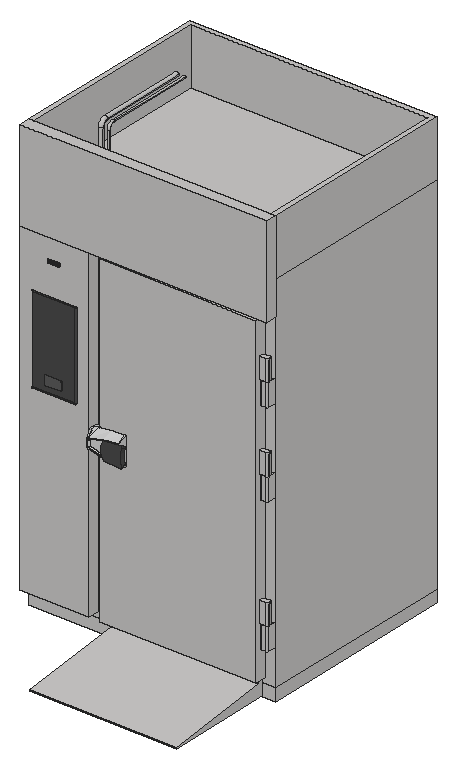
Revit family "QF_ZANUSSI_110562_ZBFA22RDFE", category Specialty Equipment, Revit 2018
Family settings
  Round Connector Dimension = Use Diameter
  Part Type = Normal
  Work Plane-Based = No
  Always vertical = Yes
  Cut with Voids When Loaded = No
  Shared = Yes
  Room Calculation Point = No
Parameters
  Weight = 0.00 kg
  Watts = 209.032 W
  Volts = 380 V
  URL Manufacturer = "http://www.zanussiprofessional.com"
  URL = "http://www.zanussiprofessional.com"
  Steam Supply Size = 0"
  Steam Supply Minimum Pressure = 0.00 psi
  Steam Supply Maximum Pressure = 0.00 psi
  Steam Pounds per Hour = 0
  Show Logo [instance] = yes
  Refrigeration Suction Line Size = 0"
  Refrigeration Liquid Line Size = 0"
  Refrigerant Compressor Remote = yes
  Phase = 3
  Model = "ZBFA22RDFE"
  Manufacturer = "Zanussi"
  Length Actual = 1400 mm  # constant formula
  Item Number = "110562"
  Hot Water Size = 0"
  Height Actual = 2340 mm  # constant formula
  HP = "3 HP"
  Gas Size = 0"
  Gas KW = 0
  Gas Input Pressure = 0.0 Btu/h
  Description = "RAPIDO BLAST CHILLER FREEZER 200/170KG 20 GN 2/1 - DISASSEMBLED - INSULATED FLOOR - RAMP -REM.REF.UNIT"
  Depth Actual = 1266 mm  # constant formula
  Cycle = 60 Hz
  Condensate Return Size = 0"
  Compressed Air Volume = 0 GPM
  Compressed Air Size = 0"
  Compressed Air Pressure = 0.00 psi
  Cold Water Size = 0"
  Assembly Code = ""
  Show Clearance [instance] = yes
  Accessory = yes
Reference planes
  plane 1 "BACK": y = 1
  plane 2: z = 0
  plane 3 "LEFT": x = 0
  plane 4 "RIGHT": x = 1400
  plane 5 "FRONT": y = -1205
  plane 6 "TOP": z = 2470
  plane 7 "Center Y": x = 700
  plane 8 "Center X": y = -602
  plane 9: y = -2155
Forms (mm)
  Extrusion 1, solid, material "QF_Clearance", visible <- "Show Clearance", detail levels coarse
    sketch origin (0, 0, 0) x (1, 0, 0) y (0, 1, 0)
      loop
        line (0, -1205) -> (0, 1) -> (1400, 1) -> (1400, -1205) -> (1500, -1205) -> (1500, 101) -> (-100, 101) -> (-100, -1205) -> (0, -1205)
    from 0 to 2670
  Extrusion 2, solid, material "QF_Finishes_Stainless Steel"
    sketch origin (349.253, 33, 700.991) x (-1, 0, 0) y (0, -1, 0)
      loop
        line (349.253, 1172.759) -> (349.253, 1238) -> (-39.747, 1238) -> (-39.747, 1172.759) -> (349.253, 1172.759)
    from -597 to 1254
  Extrusion 3, solid, material "QF_Finishes_Stainless Steel"
    sketch origin (596.16, 27.971, 0) x (1, 0, 0) y (0, 1, 0)
      loop
        line (743.84, -1172.971) -> (-141.16, -1172.971) -> (-141.16, -1232.971) -> (743.84, -1232.971) -> (743.84, -1172.971)
    from 103.991 to 1945.25
  Extrusion 4, solid, material "QF_Door-Drawer Clearances", visible <- "Show Clearance", detail levels coarse
    sketch origin (875, -72.029, -21.802) x (-1, 0, 0) y (0, -1, 0)
      loop
        line (-465, 2025.971) -> (-465, 1132.971) -> (420, 1132.971)
        arc (420, 1132.971) -> (153.836, 1754.227) -> (-465, 2025.971) r 920
    from 125.793 to 1967.052
  Extrusion 5, solid, material "QF_Finishes_Stainless Steel"
    sketch origin (0, 0, 0) x (0, 1, 0) y (0, 0, 1)
      loop
        line (-1158.451, 70.453) -> (-1741.451, 1.966) -> (-1741.451, 0) -> (-1158.451, 0) -> (-1158.451, 70.453)
    from 485 to 1320
  Extrusion 6, solid, material "QF_Finishes_Stainless Steel"
    sketch origin (0, 0, 0) x (0, 1, 0) y (0, 0, 1)
      loop
        line (-1139, 70) -> (-1139, 0) -> (1, 0) -> (1, 70) -> (-1139, 70)
    from 0 to 1400
  Extrusion 7, solid, material "QF_Finishes_Stainless Steel"
    sketch origin (0, -1139.759, 70) x (0, 1, 0) y (-1, 0, 0)
      loop
        line (1140.759, 0) -> (0.759, 0) -> (0.759, -1400) -> (1140.759, -1400) -> (1140.759, 0)
    from 0 to 2080
  Extrusion 8, solid, material "QF_Finishes_Stainless Steel"
    sketch origin (0, 0, 0) x (0, 1, 0) y (0, 0, 1)
      loop
        line (-1139, 2470) -> (-1205, 2470) -> (-1205, 1956) -> (-1139, 1956) -> (-1139, 2470)
    from 0 to 1400
  Extrusion 9, solid, material "QF_Finishes_Stainless Steel"
    sketch origin (0, -1139.759, 2150) x (0, 1, 0) y (-1, 0, 0)
      loop
        line (1140.759, 0) -> (0.759, 0) -> (0.759, -27.807) -> (1112.952, -27.807) -> (1112.952, -1372.193) -> (0.759, -1372.193) -> (0.759, -1400) -> (1140.759, -1400) -> (1140.759, 0)
    from 0 to 320
  Extrusion 10, solid, material "QF_Finishes_Stainless Steel"
    sketch origin (0, 0, 0) x (0, 1, 0) y (0, 0, 1)
      loop
        line (-1139, 92) -> (-1158.451, 92) -> (-1158.451, 0) -> (-1139, 0) -> (-1139, 92)
    from 485 to 1320
  Extrusion 11, solid, material "QF_Clearance", visible <- "Show Clearance", detail levels coarse
    sketch origin (0, 0, 2470) x (-1, 0, 0) y (0, -1, 0)
      loop
        line (0, 1205) -> (-1400, 1205) -> (-1400, -1) -> (0, -1) -> (0, 1205)
    from 0 to 200
  Extrusion 12, solid, material "QF_Finishes_Stainless Steel"
    sketch origin (-390.239, -0.977, 1242.559) x (1, 0, 0) y (0, 1, 0)
      loop
        line (1730.239, -1159.557) -> (1730.239, -1186.759) -> (1771.078, -1186.759)
        arc (1771.078, -1186.759) -> (1778.149, -1183.83) -> (1781.078, -1176.759) r 10
        line (1781.078, -1176.759) -> (1781.078, -1169.557)
        arc (1781.078, -1169.557) -> (1778.149, -1162.486) -> (1771.078, -1159.557) r 10
        line (1771.078, -1159.557) -> (1730.239, -1159.557)
    from 398 to 516
  Extrusion 13, solid, material "QF_Finishes_Stainless Steel"
    sketch origin (-388.989, -0.977, 1242.559) x (1, 0, 0) y (0, 1, 0)
      loop
        line (1779.828, -1138.023) -> (1738.215, -1138.023) -> (1738.215, -1176.759)
        arc (1738.215, -1176.759) -> (1741.143, -1183.83) -> (1748.215, -1186.759) r 10
        line (1748.215, -1186.759) -> (1769.828, -1186.759)
        arc (1769.828, -1186.759) -> (1776.899, -1183.83) -> (1779.828, -1176.759) r 10
        line (1779.828, -1176.759) -> (1779.828, -1138.023)
    from 269 to 396
  Extrusion 14, solid, material "QF_Finishes_Handrails and Railings"
    sketch origin (0, -1205, -69.705) x (-1, 0, 0) y (0, 0, 1)
      loop
        arc (-455, 1022.346) -> (-433.392, 1027.289) -> (-413, 1035.976) r 124.815
        arc (-413, 1035.976) -> (-402.037, 1046.425) -> (-398, 1061.023) r 28.412
        line (-398, 1061.023) -> (-398, 1124.287)
        arc (-398, 1124.287) -> (-402.037, 1138.885) -> (-413, 1149.334) r 28.412
        arc (-413, 1149.334) -> (-433.392, 1158.021) -> (-455, 1162.964) r 124.815
        line (-455, 1162.964) -> (-455, 1022.346)
    from 0 to 25
  Extrusion 15, solid, material "QF_Finishes_Stainless Steel"
    sketch origin (0, 1, 0) x (1, 0, 0) y (0, 0, 1)
      loop
        circle (50.191, 2279.706) r 10
    from -2 to 0
  Extrusion 16, solid
    sketch origin (0, 0, 0) x (1, 0, 0) y (0, 1, 0)
      loop
        circle (271, -895) r 12.7
    from 180 to 190
  Sweep 17, solid, material "QF_Finishes_Stainless Steel"
    path in 3D
      loop
        line (196, -872.727, 2160) -> (196, -872.727, 2384.785)
        arc (196, -872.727, 2384.785) -> (196, -863.94, 2405.999) -> (196, -842.727, 2414.785) r 30
        line (196, -842.727, 2414.785) -> (196, -337, 2414.785)
    profile origin (196, -589.864, 2414.785) x (-1, 0, 0) y (0, 0, 1)
      loop
        circle (0, -0.785) r 11
  Sweep 18, solid, material "QF_Finishes_Stainless Steel"
    path in 3D
      loop
        line (239, -337, 2414) -> (239, -842.727, 2414)
        arc (239, -842.727, 2414) -> (239, -863.94, 2405.213) -> (239, -872.727, 2384) r 30
        line (239, -872.727, 2384) -> (239, -872.727, 2160)
    profile origin (239, -589.864, 2414) x (1, 0, 0) y (0, 0, 1)
      loop
        circle (0, 0) r 6
  Extrusion 19, solid, material "QF_Finishes_Stainless Steel"
    sketch origin (0, -1139.759, 2150) x (0, 1, 0) y (-1, 0, 0)
      loop
        line (272.791, -163.68) -> (262.791, -163.68)
        arc (262.791, -163.68) -> (252.185, -168.074) -> (247.791, -178.68) r 15
        line (247.791, -178.68) -> (247.791, -270.358)
        arc (247.791, -270.358) -> (252.185, -280.965) -> (262.791, -285.358) r 15
        line (262.791, -285.358) -> (272.791, -285.358)
        arc (272.791, -285.358) -> (283.398, -280.965) -> (287.791, -270.358) r 15
        line (287.791, -270.358) -> (287.791, -178.68)
        arc (287.791, -178.68) -> (283.398, -168.074) -> (272.791, -163.68) r 15
    from 0 to 10
  Blend 20, solid, material "QF_Finishes_Handrails and Railings"
    base sketch origin (0, -1205, -69.705) x (1, 0, 0) y (0, 0, 1)
      loop
        arc (455, 1162.964) -> (433.392, 1158.021) -> (413, 1149.334) r 124.815
        arc (413, 1149.334) -> (402.037, 1138.885) -> (398, 1124.287) r 28.412
        line (398, 1124.287) -> (398, 1061.023)
        arc (398, 1061.023) -> (402.037, 1046.425) -> (413, 1035.976) r 28.412
        arc (413, 1035.976) -> (433.392, 1027.289) -> (455, 1022.346) r 124.815
        arc (455, 1022.346) -> (524.77, 1014.896) -> (594.859, 1011.587) r 1185.63
        arc (594.859, 1011.587) -> (600.607, 1013.879) -> (603, 1019.586) r 8
        line (603, 1019.586) -> (603, 1165.724)
        arc (603, 1165.724) -> (600.607, 1171.431) -> (594.859, 1173.723) r 8
        arc (594.859, 1173.723) -> (524.77, 1170.414) -> (455, 1162.964) r 1185.63
    top sketch origin (0, -1205, -69.705) x (1, 0, 0) y (0, 0, 1)
      loop
        line (421, 1108.337) -> (421, 1076.973)
        arc (421, 1076.973) -> (423.295, 1069.915) -> (429.302, 1065.557) r 12
        arc (429.302, 1065.557) -> (515.086, 1044.22) -> (603, 1034.974) r 636.459
        line (603, 1034.974) -> (603, 1150.336)
        arc (603, 1150.336) -> (515.086, 1141.09) -> (429.302, 1119.753) r 636.459
        arc (429.302, 1119.753) -> (423.295, 1115.395) -> (421, 1108.337) r 12
    from 0 to 50
  Blend 21, void
    base sketch origin (0, -1255, -69.705) x (-1, 0, 0) y (0, 0, 1)
      loop
        arc (-430.843, 1114.996) -> (-515.866, 1136.151) -> (-603, 1145.333) r 631.459
        line (-603, 1145.333) -> (-603, 1039.977)
        arc (-603, 1039.977) -> (-515.866, 1049.159) -> (-430.843, 1070.314) r 631.459
        arc (-430.843, 1070.314) -> (-427.339, 1072.856) -> (-426, 1076.973) r 7
        line (-426, 1076.973) -> (-426, 1108.337)
        arc (-426, 1108.337) -> (-427.339, 1112.454) -> (-430.843, 1114.996) r 7
    top sketch origin (0, -1255, -69.705) x (-1, 0, 0) y (0, 0, 1)
      loop
        arc (-432.384, 1110.24) -> (-516.647, 1131.211) -> (-603, 1140.33) r 626.459
        line (-603, 1140.33) -> (-603, 1044.98)
        arc (-603, 1044.98) -> (-516.647, 1054.099) -> (-432.384, 1075.07) r 626.459
        arc (-432.384, 1075.07) -> (-431.382, 1075.797) -> (-431, 1076.973) r 2
        line (-431, 1076.973) -> (-431, 1108.337)
        arc (-431, 1108.337) -> (-431.382, 1109.513) -> (-432.384, 1110.24) r 2
    from 0 to 10
  Blend 22, solid, material "QF_Finishes_Black"
    base sketch origin (0, -1245, -69.705) x (1, 0, 0) y (0, 0, 1)
      loop
        arc (628.567, 1043.419) -> (622.014, 1092.655) -> (628.567, 1141.89) r 188.232
        arc (628.567, 1141.89) -> (627.358, 1147.991) -> (621.77, 1150.721) r 7
        arc (621.77, 1150.721) -> (572.304, 1148.509) -> (523.16, 1142.458) r 636.459
        arc (523.16, 1142.458) -> (507.711, 1092.655) -> (523.16, 1042.852) r 88
        arc (523.16, 1042.852) -> (572.304, 1036.801) -> (621.77, 1034.589) r 636.459
        arc (621.77, 1034.589) -> (627.358, 1037.319) -> (628.567, 1043.419) r 7
    top sketch origin (0, -1245, -69.705) x (1, 0, 0) y (0, 0, 1)
      loop
        arc (626.748, 1050.703) -> (622.014, 1092.655) -> (626.748, 1134.607) r 188.232
        arc (626.748, 1134.607) -> (625.775, 1138.85) -> (621.845, 1140.722) r 5
        arc (621.845, 1140.722) -> (569.023, 1138.185) -> (516.603, 1131.203) r 626.459
        arc (516.603, 1131.203) -> (507.711, 1092.655) -> (516.603, 1054.107) r 88
        arc (516.603, 1054.107) -> (569.023, 1047.124) -> (621.845, 1044.588) r 626.459
        arc (621.845, 1044.588) -> (625.775, 1046.46) -> (626.748, 1050.703) r 5
    from 20 to 0
  Extrusion 23, solid, material "QF_Finishes_Stainless Steel"
    sketch origin (-390.239, -0.977, 762.559) x (1, 0, 0) y (0, 1, 0)
      loop
        line (1730.239, -1159.557) -> (1730.239, -1186.759) -> (1771.078, -1186.759)
        arc (1771.078, -1186.759) -> (1778.149, -1183.83) -> (1781.078, -1176.759) r 10
        line (1781.078, -1176.759) -> (1781.078, -1169.557)
        arc (1781.078, -1169.557) -> (1778.149, -1162.486) -> (1771.078, -1159.557) r 10
        line (1771.078, -1159.557) -> (1730.239, -1159.557)
    from 398 to 516
  Extrusion 24, solid, material "QF_Finishes_Stainless Steel"
    sketch origin (-388.989, -0.977, 762.559) x (1, 0, 0) y (0, 1, 0)
      loop
        line (1779.828, -1138.023) -> (1738.215, -1138.023) -> (1738.215, -1176.759)
        arc (1738.215, -1176.759) -> (1741.143, -1183.83) -> (1748.215, -1186.759) r 10
        line (1748.215, -1186.759) -> (1769.828, -1186.759)
        arc (1769.828, -1186.759) -> (1776.899, -1183.83) -> (1779.828, -1176.759) r 10
        line (1779.828, -1176.759) -> (1779.828, -1138.023)
    from 269 to 396
  Extrusion 25, solid, material "QF_Finishes_Stainless Steel"
    sketch origin (-390.239, -0.977, 2.559) x (1, 0, 0) y (0, 1, 0)
      loop
        line (1730.239, -1159.557) -> (1730.239, -1186.759) -> (1771.078, -1186.759)
        arc (1771.078, -1186.759) -> (1778.149, -1183.83) -> (1781.078, -1176.759) r 10
        line (1781.078, -1176.759) -> (1781.078, -1169.557)
        arc (1781.078, -1169.557) -> (1778.149, -1162.486) -> (1771.078, -1159.557) r 10
        line (1771.078, -1159.557) -> (1730.239, -1159.557)
    from 398 to 516
  Extrusion 26, solid, material "QF_Finishes_Stainless Steel"
    sketch origin (-388.989, -0.977, 2.559) x (1, 0, 0) y (0, 1, 0)
      loop
        line (1779.828, -1138.023) -> (1738.215, -1138.023) -> (1738.215, -1176.759)
        arc (1738.215, -1176.759) -> (1741.143, -1183.83) -> (1748.215, -1186.759) r 10
        line (1748.215, -1186.759) -> (1769.828, -1186.759)
        arc (1769.828, -1186.759) -> (1776.899, -1183.83) -> (1779.828, -1176.759) r 10
        line (1779.828, -1176.759) -> (1779.828, -1138.023)
    from 269 to 396
  Extrusion 27, solid, material "QF_Door-Drawer Clearances", visible <- "Show Clearance", detail levels coarse
    sketch origin (167.029, -1956.84, 0) x (0, 1, 0) y (-1, 0, 0)
      loop
        line (751.84, -1172.971) -> (-141.16, -1172.971) -> (-141.16, -1232.971) -> (751.84, -1232.971) -> (751.84, -1172.971)
    from 103.991 to 1945.25
  Extrusion 28, solid, material "QF_Door-Drawer Clearances", visible <- "Show Clearance", detail levels coarse
    sketch origin (1400, -2553, -69.705) x (0, -1, 0) y (0, 0, 1)
      loop
        arc (-455, 1022.346) -> (-433.392, 1027.289) -> (-413, 1035.976) r 124.815
        arc (-413, 1035.976) -> (-402.037, 1046.425) -> (-398, 1061.023) r 28.412
        line (-398, 1061.023) -> (-398, 1124.287)
        arc (-398, 1124.287) -> (-402.037, 1138.885) -> (-413, 1149.334) r 28.412
        arc (-413, 1149.334) -> (-433.392, 1158.021) -> (-455, 1162.964) r 124.815
        line (-455, 1162.964) -> (-455, 1022.346)
    from 0 to 25
  Blend 29, solid, material "QF_Door-Drawer Clearances", visible <- "Show Clearance", detail levels coarse
    base sketch origin (1400, -2553, -69.705) x (0, 1, 0) y (0, 0, 1)
      loop
        arc (455, 1162.964) -> (433.392, 1158.021) -> (413, 1149.334) r 124.815
        arc (413, 1149.334) -> (402.037, 1138.885) -> (398, 1124.287) r 28.412
        line (398, 1124.287) -> (398, 1061.023)
        arc (398, 1061.023) -> (402.037, 1046.425) -> (413, 1035.976) r 28.412
        arc (413, 1035.976) -> (433.392, 1027.289) -> (455, 1022.346) r 124.815
        arc (455, 1022.346) -> (524.77, 1014.896) -> (594.859, 1011.587) r 1185.63
        arc (594.859, 1011.587) -> (600.607, 1013.879) -> (603, 1019.586) r 8
        line (603, 1019.586) -> (603, 1165.724)
        arc (603, 1165.724) -> (600.607, 1171.431) -> (594.859, 1173.723) r 8
        arc (594.859, 1173.723) -> (524.77, 1170.414) -> (455, 1162.964) r 1185.63
    top sketch origin (1400, -2553, -69.705) x (0, 1, 0) y (0, 0, 1)
      loop
        line (421, 1108.337) -> (421, 1076.973)
        arc (421, 1076.973) -> (423.295, 1069.915) -> (429.302, 1065.557) r 12
        arc (429.302, 1065.557) -> (515.086, 1044.22) -> (603, 1034.974) r 636.459
        line (603, 1034.974) -> (603, 1150.336)
        arc (603, 1150.336) -> (515.086, 1141.09) -> (429.302, 1119.753) r 636.459
        arc (429.302, 1119.753) -> (423.295, 1115.395) -> (421, 1108.337) r 12
    from 0 to 50
  Blend 30, void
    base sketch origin (1450, -2553, -69.705) x (0, -1, 0) y (0, 0, 1)
      loop
        arc (-430.843, 1114.996) -> (-515.866, 1136.151) -> (-603, 1145.333) r 631.459
        line (-603, 1145.333) -> (-603, 1039.977)
        arc (-603, 1039.977) -> (-515.866, 1049.159) -> (-430.843, 1070.314) r 631.459
        arc (-430.843, 1070.314) -> (-427.339, 1072.856) -> (-426, 1076.973) r 7
        line (-426, 1076.973) -> (-426, 1108.337)
        arc (-426, 1108.337) -> (-427.339, 1112.454) -> (-430.843, 1114.996) r 7
    top sketch origin (1450, -2553, -69.705) x (0, -1, 0) y (0, 0, 1)
      loop
        arc (-432.384, 1110.24) -> (-516.647, 1131.211) -> (-603, 1140.33) r 626.459
        line (-603, 1140.33) -> (-603, 1044.98)
        arc (-603, 1044.98) -> (-516.647, 1054.099) -> (-432.384, 1075.07) r 626.459
        arc (-432.384, 1075.07) -> (-431.382, 1075.797) -> (-431, 1076.973) r 2
        line (-431, 1076.973) -> (-431, 1108.337)
        arc (-431, 1108.337) -> (-431.382, 1109.513) -> (-432.384, 1110.24) r 2
    from 0 to 10
  Blend 31, solid, material "QF_Door-Drawer Clearances", visible <- "Show Clearance", detail levels coarse
    base sketch origin (1440, -2553, -69.705) x (0, 1, 0) y (0, 0, 1)
      loop
        arc (628.567, 1043.419) -> (622.014, 1092.655) -> (628.567, 1141.89) r 188.232
        arc (628.567, 1141.89) -> (627.358, 1147.991) -> (621.77, 1150.721) r 7
        arc (621.77, 1150.721) -> (572.304, 1148.509) -> (523.16, 1142.458) r 636.459
        arc (523.16, 1142.458) -> (507.711, 1092.655) -> (523.16, 1042.852) r 88
        arc (523.16, 1042.852) -> (572.304, 1036.801) -> (621.77, 1034.589) r 636.459
        arc (621.77, 1034.589) -> (627.358, 1037.319) -> (628.567, 1043.419) r 7
    top sketch origin (1440, -2553, -69.705) x (0, 1, 0) y (0, 0, 1)
      loop
        arc (626.748, 1050.703) -> (622.014, 1092.655) -> (626.748, 1134.607) r 188.232
        arc (626.748, 1134.607) -> (625.775, 1138.85) -> (621.845, 1140.722) r 5
        arc (621.845, 1140.722) -> (569.023, 1138.185) -> (516.603, 1131.203) r 626.459
        arc (516.603, 1131.203) -> (507.711, 1092.655) -> (516.603, 1054.107) r 88
        arc (516.603, 1054.107) -> (569.023, 1047.124) -> (621.845, 1044.588) r 626.459
        arc (621.845, 1044.588) -> (625.775, 1046.46) -> (626.748, 1050.703) r 5
    from 20 to -1
Cuts and joins
  joined: Extrusion 1, Extrusion 11
  joined: Extrusion 5, Extrusion 10
  Blend 21 cuts Extrusion 3
  joined: Extrusion 3, Extrusion 12, Extrusion 23, Extrusion 25
  Blend 21 cuts Extrusion 7
  joined: Extrusion 7, Extrusion 13, Sweep 17, Sweep 18, Extrusion 19, Extrusion 24, Extrusion 26
  Blend 21, Blend 30 cuts Extrusion 14
  Blend 21, Blend 30 cuts Blend 20
  joined: Extrusion 14, Blend 20
  Blend 30 cuts Extrusion 4
  Blend 30 cuts Blend 29
  joined: Extrusion 4, Extrusion 27, Extrusion 28, Blend 29, Blend 31
  joined: Extrusion 9, Extrusion 15
Lines and regions (mm)
  symbolic lines, style "QF-Clearances", visible <- "Show Clearance", detail levels coarse
    curve 1: line (-100, -1204.241, 70) -> (-100, 101, 70)
    curve 2: line (-100, 101, 70) -> (1500, 101, 70)
    curve 3: line (1500, 101, 70) -> (1500, -1204.241, 70)
  symbolic lines
    curve 4: line (1320, -1205, 70) -> (1320, -1741.451, 70)
    curve 5: line (1320, -1741.451, 70) -> (485, -1741.451, 70)
    curve 6: line (485, -1741.451, 70) -> (485, -1255, 70)
    curve 13: line (185, -336.968, 70) -> (207, -336.968, 70)
    curve 14: line (207, -336.968, 70) -> (207, -871.942, 70)
    curve 15: line (233, -872.727, 70) -> (233, -337, 70)
    curve 16: line (233, -337, 70) -> (245, -337, 70)
    curve 17: line (245, -337, 70) -> (245, -872.727, 70)
    curve 18: line (245, -851.968, 70) -> (270.358, -851.968, 70)
    curve 19: arc (285.358, -866.968, 70) -> (280.965, -856.361, 70) -> (270.358, -851.968, 70) r 15
    curve 20: line (285.358, -876.968, 70) -> (285.358, -866.968, 70)
    curve 21: arc (270.358, -891.968, 70) -> (280.965, -887.575, 70) -> (285.358, -876.968, 70) r 15
    curve 22: line (178.68, -891.968, 70) -> (270.358, -891.968, 70)
    curve 23: arc (163.68, -876.968, 70) -> (168.074, -887.575, 70) -> (178.68, -891.968, 70) r 15
    curve 24: line (163.68, -866.968, 70) -> (163.68, -876.968, 70)
    curve 25: arc (178.68, -851.968, 70) -> (168.074, -856.361, 70) -> (163.68, -866.968, 70) r 15
    curve 26: arc (207, -871.942, 70) -> (196, -882.942, 70) -> (185, -871.942, 70) r 11
    curve 27: arc (233, -872.727, 70) -> (239, -878.727, 70) -> (245, -872.727, 70) r 6
    curve 28: line (178.68, -851.968, 70) -> (185, -851.968, 70)
    curve 29: line (185, -336.968, 70) -> (185, -871.942, 70)
    curve 30: line (207, -851.968, 70) -> (233, -851.968, 70)
    curve 31: line (0, 1, 70) -> (1400, 1, 70)
    curve 32: line (0, -1205, 70) -> (0, 1, 70)
    curve 33: line (1400, -1205, 70) -> (0, -1205, 70)
    curve 34: line (1400, 1, 70) -> (1400, -1205, 70)
    curve 35: line (27.807, -26.807, 70) -> (1372.193, -26.807, 70)
    curve 36: line (27.807, -1139, 70) -> (27.807, -26.807, 70)
    curve 37: line (1400, -1139, 70) -> (0, -1139, 70)
    curve 38: line (1372.193, -26.807, 70) -> (1372.193, -1139, 70)
    curve 39: line (75.5, -1210, 70) -> (313.5, -1210, 70)
    curve 40: line (75.5, -1210, 70) -> (67.5, -1205, 70)
    curve 41: line (313.5, -1210, 70) -> (321.5, -1205, 70)
    curve 42: line (421, -1255, 70) -> (398, -1205, 70)
    curve 43: line (421, -1255, 70) -> (603, -1255, 70)
    curve 44: line (603, -1255, 70) -> (603, -1205, 70)
    curve 45: line (603, -1245, 70) -> (626.748, -1245, 70)
    curve 46: line (626.748, -1245, 70) -> (628.811, -1265, 70)
    curve 47: line (628.811, -1265, 70) -> (507.711, -1265, 70)
    curve 48: line (507.711, -1265, 70) -> (507.711, -1255, 70)
  sketch lines
    curve 7: line (196, -842.727, 2414.785) -> (196, -337, 2414.785)
    curve 8: arc (196, -872.727, 2384.785) -> (196, -863.94, 2405.999) -> (196, -842.727, 2414.785) r 30
    curve 9: line (196, -872.727, 2160) -> (196, -872.727, 2384.785)
    curve 10: line (239, -337, 2414) -> (239, -842.727, 2414)
    curve 11: arc (239, -842.727, 2414) -> (239, -863.94, 2405.213) -> (239, -872.727, 2384) r 30
    curve 12: line (239, -872.727, 2384) -> (239, -872.727, 2160)
  symbolic lines, style "QF_Door-Drawer Clearances", visible <- "Show Clearance"
    curve 49: line (1450, -2132, 70) -> (1400, -2155, 70)
    curve 50: line (1450, -2132, 70) -> (1450, -1950, 70)
    curve 51: line (1450, -1950, 70) -> (1400, -1950, 70)
    curve 52: line (1439, -1950, 70) -> (1439, -1926.126, 70)
    curve 53: line (1439, -1926.126, 70) -> (1460, -1924.189, 70)
    curve 54: line (1460, -1924.189, 70) -> (1460, -2045.289, 70)
    curve 55: line (1460, -2045.289, 70) -> (1450, -2045.289, 70)
    curve 56: line (1375, -2098, 70) -> (1375, -2155, 70)
    curve 57: line (1340, -2098, 70) -> (1400, -2098, 70)
    curve 58: arc (457.796, -1255, 70) -> (739.031, -1843.801, 70) -> (1340, -2098, 70) r 920
    curve 59: line (1400, -2155, 70) -> (1375, -2155, 70)
    curve 60: line (1400, -2098, 70) -> (1400, -1205, 70)
    curve 61: line (1340, -2098, 70) -> (1340, -1205, 70)
Dimensions and locks
  plane 5 "FRONT" to plane 1 "BACK" = 1206 mm
  plane 6 "TOP" to level = 2470 mm
  plane 4 "RIGHT" to plane 3 "LEFT" = 1400 mm
  plane 3 "LEFT" to plane 4 "RIGHT" = 1400 mm
  equal spacing: plane 3 "LEFT", plane 7 "Center Y", plane 4 "RIGHT"
  equal spacing: plane 1 "BACK", plane 8 "Center X", plane 5 "FRONT"
  Extrusion 5 sketch curve to Extrusion 5 sketch curve = 583 mm
  Extrusion 4 sketch curve to plane 1 "BACK" = 2099 mm
  Extrusion 16 sketch curve to plane 1 "BACK" = 896 mm
  plane 3 "LEFT" to Extrusion 16 sketch curve = 271 mm
  angle Extrusion 5 sketch curve to Extrusion 5 sketch curve = 6.70°
  aligned and locked: level to plane 2
Automatic sketch dimensions
  plane 5 "FRONT" to Extrusion 1 sketch curve = 0 mm  (x2)
  Extrusion 1 sketch curve to plane 3 "LEFT" = 0 mm
  plane 1 "BACK" to Extrusion 1 sketch curve = 0 mm
  Extrusion 1 sketch curve to plane 4 "RIGHT" = 0 mm
  Extrusion 1 sketch curve to plane 3 "LEFT" = 100 mm
  plane 4 "RIGHT" to Extrusion 1 sketch curve = 100 mm
  Extrusion 1 sketch curve to plane 1 "BACK" = 100 mm
  plane 5 "FRONT" to Extrusion 2 sketch curve = 0 mm
  Extrusion 2 sketch curve to plane 3 "LEFT" = 0 mm
  Extrusion 2 sketch curve to plane 5 "FRONT" = 65.241 mm
  plane 5 "FRONT" to Extrusion 3 sketch curve = 0 mm
  Extrusion 3 sketch curve to plane 5 "FRONT" = 60 mm
  Extrusion 3 sketch curve to plane 4 "RIGHT" = 60 mm
  Extrusion 5 sketch curve to level = 0 mm
  level to Extrusion 5 sketch curve = 1.966 mm
  Extrusion 5 sketch curve to plane 9 = 413.549 mm
  Extrusion 6 sketch curve to level = 0 mm
  Extrusion 6 sketch curve to plane 1 "BACK" = 0 mm
  Extrusion 6 sketch curve to plane 5 "FRONT" = 66 mm
  Extrusion 6 sketch curve to Extrusion 6 sketch curve = 70 mm
  Extrusion 7 sketch curve to Extrusion 6 = 0 mm  (x3)
  Extrusion 6 to Extrusion 7 sketch curve = 0 mm
  Extrusion 8 sketch curve to plane 5 "FRONT" = 0 mm
  Extrusion 8 sketch curve to plane 6 "TOP" = 0 mm
  Extrusion 8 sketch curve to plane 5 "FRONT" = 66 mm
  Extrusion 8 sketch curve to Extrusion 8 sketch curve = 514 mm
  Extrusion 7 to Extrusion 9 sketch curve = 0 mm
  Extrusion 9 sketch curve to Extrusion 7 = 0 mm  (x4)
  Extrusion 9 sketch curve to Extrusion 7 = 27.807 mm  (x3)
  Extrusion 10 sketch curve to level = 0 mm
  Extrusion 10 sketch curve to plane 5 "FRONT" = 46.549 mm
  Extrusion 10 sketch curve to Extrusion 10 sketch curve = 19.451 mm
  Extrusion 10 sketch curve to Extrusion 10 sketch curve = 92 mm
  Extrusion 11 sketch curve to plane 4 "RIGHT" = 0 mm
  plane 1 "BACK" to Extrusion 11 sketch curve = 0 mm
  Extrusion 11 sketch curve to plane 3 "LEFT" = 0 mm
  plane 5 "FRONT" to Extrusion 11 sketch curve = 0 mm
  Extrusion 12 sketch curve to plane 5 "FRONT" = 17.264 mm
  Extrusion 12 sketch curve to plane 4 "RIGHT" = 60 mm
  Extrusion 12 sketch curve to plane 4 "RIGHT" = 19.161 mm
  Extrusion 12 sketch curve to Extrusion 12 sketch curve = 0 mm
  Extrusion 12 sketch curve to plane 4 "RIGHT" = 9.161 mm
  Extrusion 12 sketch curve to Extrusion 12 sketch curve = 7.202 mm
  Extrusion 13 sketch curve to plane 5 "FRONT" = 27.264 mm
  Extrusion 13 sketch curve to plane 4 "RIGHT" = 50.775 mm
  Extrusion 13 sketch curve to Extrusion 13 sketch curve = 10 mm
  Extrusion 13 sketch curve to plane 4 "RIGHT" = 19.161 mm
  Extrusion 13 sketch curve to plane 4 "RIGHT" = 9.161 mm
  Extrusion 13 sketch curve to Extrusion 13 sketch curve = 38.736 mm
  plane 7 "Center Y" to Extrusion 14 sketch curve = 228.081 mm
  Extrusion 14 sketch curve to Extrusion 14 sketch curve = 0 mm
  Extrusion 14 sketch curve to Extrusion 14 sketch curve = 16.919 mm
  Extrusion 14 sketch curve to Extrusion 14 sketch curve = 28.588 mm  (x2)
  Extrusion 14 sketch curve to Extrusion 14 sketch curve = 28.412 mm
  level to Extrusion 14 sketch curve = 952.641 mm
  Extrusion 14 sketch curve to Extrusion 14 sketch curve = 16.954 mm  (x2)
  Extrusion 14 sketch curve to Extrusion 14 sketch curve = 38.676 mm
  Extrusion 14 sketch curve to Extrusion 14 sketch curve = 63.265 mm
  Extrusion 14 sketch curve to Extrusion 14 sketch curve = 21.722 mm
  Sweep 17 sketch curve to profile plane = 0 mm
  Sweep 17 sketch curve to profile plane = 0.785 mm
  profile plane to Sweep 18 sketch curve = 0 mm
  Sweep 18 sketch curve to profile plane = 0 mm
  Extrusion 19 sketch curve to Extrusion 7 = 247.032 mm
  Extrusion 19 sketch curve to Extrusion 19 sketch curve = 15 mm  (x3)
  Extrusion 19 sketch curve to Extrusion 19 sketch curve = 10 mm  (x2)
  Extrusion 19 sketch curve to Extrusion 7 = 285.358 mm
  Extrusion 19 sketch curve to Extrusion 19 sketch curve = 91.678 mm
  Blend 20 sketch curve to Extrusion 14 = 0 mm  (x4)
  Blend 20 sketch curve to Extrusion 14 = 28.412 mm
  Blend 20 sketch curve to Blend 20 sketch curve = 123.081 mm  (x2)
  Blend 20 sketch curve to Blend 20 sketch curve = 8 mm
  Extrusion 14 to Blend 20 sketch curve = 160.712 mm  (x2)
  Blend 20 sketch curve to Blend 20 sketch curve = 19.715 mm  (x2)
  Blend 20 sketch curve to Blend 20 sketch curve = 38.676 mm
  Blend 20 sketch curve to Extrusion 14 = 23 mm
  Blend 20 sketch curve to Blend 20 sketch curve = 12 mm  (x2)
  Extrusion 14 to Blend 20 sketch curve = 148 mm
  Extrusion 14 to Blend 20 sketch curve = 170.45 mm  (x2)
  Blend 20 sketch curve to Blend 20 sketch curve = 520.701 mm  (x2)
  Blend 20 sketch curve to Blend 20 sketch curve = 41.999 mm
  Blend 20 sketch curve to Blend 20 sketch curve = 31.364 mm
  Blend 20 sketch curve to Blend 20 sketch curve = 115.362 mm
  Blend 20 to Blend 21 sketch curve = 0 mm  (x2)
  Blend 21 sketch curve to Blend 21 sketch curve = 7 mm
  Blend 21 sketch curve to Blend 21 sketch curve = 31.364 mm  (x2)
  Blend 21 sketch curve to Blend 21 sketch curve = 2 mm
  Blend 21 to Blend 22 sketch curve = 18.811 mm  (x2)
  Blend 22 sketch curve to Blend 21 = 7.289 mm  (x2)
  Blend 22 sketch curve to Blend 22 sketch curve = 188.435 mm
  Blend 22 sketch curve to Blend 22 sketch curve = 7 mm  (x2)
  Blend 22 sketch curve to Blend 22 sketch curve = 51.066 mm  (x2)
  Blend 22 sketch curve to Blend 22 sketch curve = 0 mm  (x6)
  Blend 22 sketch curve to Blend 21 = 79.84 mm
  Blend 21 to Blend 22 sketch curve = 18.874 mm  (x2)
  Blend 22 sketch curve to Blend 22 sketch curve = 188.371 mm
  Blend 22 sketch curve to Blend 22 sketch curve = 5 mm  (x2)
  Blend 22 sketch curve to Blend 22 sketch curve = 43.067 mm  (x2)
  Blend 22 sketch curve to Blend 21 = 85.603 mm
  Extrusion 23 sketch curve to plane 5 "FRONT" = 17.264 mm
  Extrusion 23 sketch curve to plane 4 "RIGHT" = 60 mm
  Extrusion 23 sketch curve to plane 4 "RIGHT" = 19.161 mm
  Extrusion 23 sketch curve to Extrusion 23 sketch curve = 0 mm
  Extrusion 23 sketch curve to plane 4 "RIGHT" = 9.161 mm
  Extrusion 23 sketch curve to Extrusion 23 sketch curve = 7.202 mm
  Extrusion 24 sketch curve to plane 5 "FRONT" = 27.264 mm
  Extrusion 24 sketch curve to plane 4 "RIGHT" = 50.775 mm
  Extrusion 24 sketch curve to Extrusion 24 sketch curve = 10 mm
  Extrusion 24 sketch curve to plane 4 "RIGHT" = 19.161 mm
  Extrusion 24 sketch curve to plane 4 "RIGHT" = 9.161 mm
  Extrusion 24 sketch curve to Extrusion 24 sketch curve = 38.736 mm
  Extrusion 25 sketch curve to plane 5 "FRONT" = 17.264 mm
  Extrusion 25 sketch curve to plane 4 "RIGHT" = 60 mm
  Extrusion 25 sketch curve to plane 4 "RIGHT" = 19.161 mm
  Extrusion 25 sketch curve to Extrusion 25 sketch curve = 0 mm
  Extrusion 25 sketch curve to plane 4 "RIGHT" = 9.161 mm
  Extrusion 25 sketch curve to Extrusion 25 sketch curve = 7.202 mm
  Extrusion 26 sketch curve to plane 5 "FRONT" = 27.264 mm
  Extrusion 26 sketch curve to plane 4 "RIGHT" = 50.775 mm
  Extrusion 26 sketch curve to Extrusion 26 sketch curve = 10 mm
  Extrusion 26 sketch curve to plane 4 "RIGHT" = 19.161 mm
  Extrusion 26 sketch curve to plane 4 "RIGHT" = 9.161 mm
  Extrusion 26 sketch curve to Extrusion 26 sketch curve = 38.736 mm
  Extrusion 27 sketch curve to plane 9 = 57 mm
  plane 5 "FRONT" to Extrusion 27 sketch curve = 0 mm
  Extrusion 27 sketch curve to plane 7 "Center Y" = 700 mm
  Extrusion 27 sketch curve to Extrusion 27 sketch curve = 60 mm
  Extrusion 28 sketch curve to plane 9 = 73.919 mm
  Extrusion 28 sketch curve to Extrusion 28 sketch curve = 0 mm
  Extrusion 28 sketch curve to Extrusion 28 sketch curve = 16.919 mm
  Extrusion 28 sketch curve to Extrusion 28 sketch curve = 28.588 mm  (x2)
  Extrusion 28 sketch curve to Extrusion 28 sketch curve = 28.412 mm
  level to Extrusion 28 sketch curve = 952.641 mm
  Extrusion 28 sketch curve to Extrusion 28 sketch curve = 16.954 mm  (x2)
  Extrusion 28 sketch curve to Extrusion 28 sketch curve = 38.676 mm
  Extrusion 28 sketch curve to Extrusion 28 sketch curve = 63.265 mm
  Extrusion 28 sketch curve to Extrusion 28 sketch curve = 21.722 mm
  Blend 29 sketch curve to Extrusion 28 = 0 mm  (x4)
  Blend 29 sketch curve to Extrusion 28 = 28.412 mm
  Blend 29 sketch curve to Blend 29 sketch curve = 123.081 mm  (x2)
  Blend 29 sketch curve to Blend 29 sketch curve = 8 mm
  Extrusion 28 to Blend 29 sketch curve = 160.712 mm  (x2)
  Blend 29 sketch curve to Blend 29 sketch curve = 19.715 mm  (x2)
  Blend 29 sketch curve to Blend 29 sketch curve = 38.676 mm
  Blend 29 sketch curve to Extrusion 28 = 23 mm
  Blend 29 sketch curve to Blend 29 sketch curve = 12 mm  (x2)
  Extrusion 28 to Blend 29 sketch curve = 148 mm
  Extrusion 28 to Blend 29 sketch curve = 170.45 mm  (x2)
  Blend 29 sketch curve to Blend 29 sketch curve = 520.701 mm  (x2)
  Blend 29 sketch curve to Blend 29 sketch curve = 41.999 mm
  Blend 29 sketch curve to Blend 29 sketch curve = 31.364 mm
  Blend 29 sketch curve to Blend 29 sketch curve = 115.362 mm
  Blend 30 sketch curve to Blend 29 = 0 mm  (x2)
  Blend 30 sketch curve to Blend 30 sketch curve = 7 mm
  Blend 30 sketch curve to Blend 30 sketch curve = 31.364 mm  (x2)
  Blend 30 sketch curve to Blend 30 sketch curve = 2 mm
  Blend 30 to Blend 31 sketch curve = 18.811 mm  (x2)
  Blend 31 sketch curve to Blend 30 = 7.289 mm  (x2)
  Blend 31 sketch curve to Blend 31 sketch curve = 188.435 mm
  Blend 31 sketch curve to Blend 31 sketch curve = 7 mm  (x2)
  Blend 31 sketch curve to Blend 31 sketch curve = 51.066 mm  (x2)
  Blend 31 sketch curve to Blend 31 sketch curve = 0 mm  (x6)
  Blend 31 sketch curve to Blend 30 = 79.84 mm
  Blend 30 to Blend 31 sketch curve = 18.874 mm  (x2)
  Blend 31 sketch curve to Blend 31 sketch curve = 188.371 mm
  Blend 31 sketch curve to Blend 31 sketch curve = 5 mm  (x2)
  Blend 31 sketch curve to Blend 31 sketch curve = 43.067 mm  (x2)
  Blend 31 sketch curve to Blend 30 = 85.603 mm
  plane 5 "FRONT" to Extrusion 4 sketch curve = 0 mm
  Extrusion 4 sketch curve to plane 4 "RIGHT" = 60 mm
  Extrusion 4 sketch curve to Extrusion 4 sketch curve = 34.623 mm
  Extrusion 4 sketch curve to plane 5 "FRONT" = 26.348 mm
  plane 3 "LEFT" to Extrusion 15 sketch curve = 50.191 mm
  Extrusion 15 sketch curve to plane 6 "TOP" = 190.294 mm
  plane 7 "Center Y" to Extrusion 2 sketch curve = 311 mm
  plane 7 "Center Y" to Extrusion 3 sketch curve = 245 mm
  curve 49 to Extrusion 6 = 0 mm
  curve 51 to Extrusion 6 = 0 mm
  curve 33 to Extrusion 6 = 0 mm
  curve 31 to Extrusion 6 = 0 mm
  Extrusion 6 to curve 36 = 27.807 mm  (x2)
  Extrusion 6 to curve 13 = 337.968 mm
  curve 15 to curve 13 = 0.032 mm
  curve 28 to Extrusion 6 = 287.032 mm
  curve 28 to curve 18 = 0 mm
  curve 19 to curve 18 = 15 mm
  curve 25 to curve 25 = 15 mm
  curve 29 to curve 25 = 4.974 mm
  curve 17 to curve 18 = 20.759 mm
  curve 24 to curve 25 = 10 mm
  curve 21 to curve 19 = 10 mm
  curve 22 to curve 21 = 15 mm
  Extrusion 6 to curve 58 = 39.652 mm
  Extrusion 6 to curve 32 = 66 mm
  curve 41 to curve 41 = 5 mm
  curve 46 to curve 44 = 40 mm
  curve 42 to curve 42 = 50 mm
  curve 46 to curve 45 = 20 mm
  Extrusion 6 to curve 4 = 80 mm
  curve 4 to curve 4 = 536.451 mm
  curve 53 to Extrusion 6 = 60 mm
  curve 53 to curve 4 = 182.738 mm
  curve 53 to Extrusion 6 = 39 mm
  curve 53 to curve 53 = 1.937 mm
  curve 51 to curve 52 = 23.874 mm
  curve 55 to curve 50 = 95.289 mm
  Extrusion 6 to curve 57 = 60 mm
  curve 57 to curve 55 = 52.711 mm
  curve 50 to curve 57 = 34 mm
  Extrusion 6 to curve 56 = 25 mm
  curve 56 to curve 56 = 57 mm
  curve 2 to Extrusion 6 = 100 mm  (x2)
  curve 50 to curve 52 = 11 mm
  Extrusion 6 to curve 58 = 25.377 mm
  Extrusion 6 to curve 38 = 27.807 mm
  curve 47 to curve 58 = 171.015 mm
  curve 46 to curve 45 = 2.062 mm
  curve 45 to curve 44 = 23.748 mm
  curve 48 to curve 58 = 49.915 mm
  curve 47 to curve 6 = 22.711 mm
  curve 58 to curve 43 = 36.796 mm
  curve 42 to curve 41 = 107.5 mm
  Extrusion 6 to curve 20 = 285.358 mm
  curve 21 to curve 17 = 25.358 mm
  curve 17 to curve 27 = 6 mm
  curve 15 to curve 13 = 26 mm
  curve 14 to curve 26 = 11 mm
  curve 28 to curve 28 = 6.32 mm
  Extrusion 6 to curve 40 = 75.5 mm
  curve 1 to Extrusion 6 = 100 mm
  curve 30 to curve 18 = 0 mm
  Extrusion 6 to curve 36 = 0 mm
  Extrusion 6 to curve 1 = 65.241 mm
  Extrusion 6 to curve 3 = 65.241 mm
  curve 42 to curve 42 = 23 mm
  curve 41 to curve 39 = 8 mm
  curve 39 to curve 40 = 8 mm
  radius of Extrusion 16 sketch curve = 12.7 mm
  radius of Sweep 17 sketch curve = 11 mm
  radius of Sweep 18 sketch curve = 6 mm
  radius of Blend 20 sketch curve to Extrusion 14 = 0 mm  (x3)
  radius of Blend 21 sketch curve to Blend 20 = 5 mm  (x3)
  radius of Blend 21 sketch curve to Blend 20 = 10 mm  (x3)
  radius of Blend 21 to Blend 22 sketch curve = 10 mm  (x2)
  radius of Blend 22 sketch curve to Blend 21 = 0 mm  (x2)
  radius of Blend 29 sketch curve to Extrusion 28 = 0 mm  (x3)
  radius of Blend 30 sketch curve to Blend 29 = 5 mm  (x3)
  radius of Blend 30 sketch curve to Blend 29 = 10 mm  (x3)
  radius of Blend 30 to Blend 31 sketch curve = 10 mm  (x2)
  radius of Blend 31 sketch curve to Blend 30 = 0 mm  (x2)
  radius of Extrusion 15 sketch curve = 10 mm
Nested families
  nested 1: "ZAN_Touch" at (194.5, -1205, 1408.103) x (1, 0, 0) z (0, -1, 0), type "ZAN_Touch"
  nested 2: "ZAN_Logo_XS" at (194.5, -1205, 1834.991) x (1, 0, 0) z (0, -1, 0), visible <- "Show Logo", type "ZAN_Logo_XS"
Connectors
  piping at (271, -895, 180), diameter 25.4
    settings: on Extrusion 16, index 1, connector inside diameter 24", connector length 0 mm, flow factor 0, pipe flow 0 GPM, pressure drop 0.00 psi, fitting loss kfactor 0, connector angle 0.00°, fixture units 0, engagement length 0 mm, angle of deflection 0.00°, flow configuration 1, flow direction 1, fitting loss method 0, system type 16, joint type 0, gender type 0, connector reference index -1, connector utility 0, adjustable connector no, is connector primary yes, connector description "Drain"
  electrical at (50.191, 3, 2279.706), driven by "Volts"
    settings: on Extrusion 15, index 2, voltage 380 V, apparent load 0 VA, apparent load phase1 0 VA, apparent load phase2 0 VA, apparent load phase3 0 VA, power factor 1, load classification "Altro", number of poles 1, system type 30, power factor state 1, is connector primary yes, connector utility no, sub classification motor no, connector description "Electrical Connection"
  piping at (239, -337, 2414), diameter 12
    settings: on Sweep 18, index 3, connector inside diameter 24", connector length 0 mm, flow factor 0, pipe flow 0 GPM, pressure drop 0.00 psi, fitting loss kfactor 0, connector angle 0.00°, fixture units 0, engagement length 0 mm, angle of deflection 0.00°, flow configuration 1, flow direction 1, fitting loss method 0, system type 8, joint type 0, gender type 0, connector reference index -1, connector utility 0, adjustable connector no, is connector primary no, connector description "Refrigerant Outlet"
  piping at (196, -337, 2414), diameter 22
    settings: on Sweep 17, index 4, connector inside diameter 24", connector length 0 mm, flow factor 0, pipe flow 0 GPM, pressure drop 0.00 psi, fitting loss kfactor 0, connector angle 0.00°, fixture units 0, engagement length 0 mm, angle of deflection 0.00°, flow configuration 1, flow direction 1, fitting loss method 0, system type 7, joint type 0, gender type 0, connector reference index -1, connector utility 0, adjustable connector no, is connector primary no, connector description "Refrigerant Inlet"
Definition of nested family "ZAN_Touch"
  Parameters
    Default Elevation = 1219.2 mm
  Reference planes
    plane 1 "Centro (Fronte/Retro)": y = 0
    plane 2: z = 0
    plane 3 "Centro (Sinistra/Destra)": x = 0
  Forms (mm)
    Extrusion 1, solid
      sketch origin (0, 0, 0) x (1, 0, 0) y (0, 1, 0)
        loop
          line (-1219.2, 1219.2) -> (-1219.2, -1219.2) -> (1219.2, -1219.2) -> (1219.2, 1219.2) -> (-1219.2, 1219.2)
      from 0 to -304.8
    Extrusion 2, solid
      sketch origin (0, 0, 5) x (1, 0, 0) y (0, 1, 0)
        loop
          line (-47, -160) -> (-47, -202)
          arc (-47, -202) -> (-45.536, -205.535) -> (-42, -207) r 5
          line (-42, -207) -> (42, -207)
          arc (42, -207) -> (45.536, -205.535) -> (47, -202) r 5
          line (47, -202) -> (47, -160)
          arc (47, -160) -> (45.536, -156.465) -> (42, -155) r 5
          line (42, -155) -> (-42, -155)
          arc (-42, -155) -> (-45.536, -156.465) -> (-47, -160) r 5
      from 0 to 2
    Blend 3, solid
      base sketch origin (0, 0, 0) x (1, 0, 0) y (0, 1, 0)
        loop
          line (-127, 244) -> (-127, -244)
          arc (-127, -244) -> (-125.536, -247.536) -> (-122, -249) r 5
          line (-122, -249) -> (122, -249)
          arc (122, -249) -> (125.536, -247.536) -> (127, -244) r 5
          line (127, -244) -> (127, 244)
          arc (127, 244) -> (125.536, 247.536) -> (122, 249) r 5
          line (122, 249) -> (-122, 249)
          arc (-122, 249) -> (-125.536, 247.536) -> (-127, 244) r 5
      top sketch origin (0, 0, 0) x (1, 0, 0) y (0, 1, 0)
        loop
          line (-119, -241) -> (119, -241) -> (119, 241) -> (-119, 241) -> (-119, -241)
      from 0 to 5
  Lines and regions (mm)
    Split face 1
      outline origin (0, 0, 5) x (1, 0, 0) y (0, 1, 0)
        loop
          line (-70.506, 46.167) -> (70.506, 46.167) -> (70.506, 214.829) -> (-70.506, 214.829) -> (-70.506, 46.167)
    Split face 2
      outline origin (0, 0, 5) x (1, 0, 0) y (0, 1, 0)
        loop
          line (-47.467, 50.825) -> (47.467, 50.825) -> (47.467, 210.171) -> (-47.467, 210.171) -> (-47.467, 50.825)
    Split face 3
      outline origin (0, 0, 5) x (1, 0, 0) y (0, 1, 0)
        loop
          line (116.89, 241) -> (114.093, 80.78)
          arc (114.093, 80.78) -> (111.629, 50.696) -> (105.329, 21.176) r 235
          arc (105.329, 21.176) -> (102.404, 0) -> (105.329, -21.176) r 78.117
          arc (105.329, -21.176) -> (111.629, -50.696) -> (114.093, -80.78) r 235
          line (114.093, -80.78) -> (116.89, -241)
  Dimensions and locks
    aligned and locked: plane 2 to Extrusion 1
    aligned and locked: level to Extrusion 1
Definition of nested family "ZAN_Logo_XS"
  Parameters
    Default Elevation = 0 mm
    M [instance] = none
  Reference planes
    plane 1 "Centro (Fronte/Retro)": y = 0
    plane 2: z = 0
    plane 3 "Centro (Sinistra/Destra)": x = 0
  Forms (mm)
    Extrusion 1, solid
      sketch origin (0, 0, 0) x (1, 0, 0) y (0, 1, 0)
        loop
          line (-1219.2, 1219.2) -> (-1219.2, -1219.2) -> (1219.2, -1219.2) -> (1219.2, 1219.2) -> (-1219.2, 1219.2)
      from 0 to -304.8
    Extrusion 2, solid, material <- "M"
      sketch origin (17.793, -46.218, 0) x (-1, 0, 0) y (0, -1, 0)
        loop
          spline (1.911, -54.793) -> (2.402, -54.973) -> (2.91, -55.105) -> (3.43, -55.191) -> (3.955, -55.229) -> (4.482, -55.219) -> (5.006, -55.161) -> (5.521, -55.054) -> (6.022, -54.898) -> (6.506, -54.693) -> (6.966, -54.438) -> (7.398, -54.133) -> (7.797, -53.778)
          spline (7.797, -53.778) -> (8.033, -53.407) -> (8.237, -53.008) -> (8.407, -52.586) -> (8.544, -52.147) -> (8.65, -51.697) -> (8.723, -51.241) -> (8.764, -50.785) -> (8.774, -50.335) -> (8.753, -49.897) -> (8.701, -49.475) -> (8.619, -49.075) -> (8.507, -48.704)
          line (8.507, -48.704) -> (6.883, -46.37) -> (5.158, -44.848) -> (3.027, -42.716)
          spline (3.027, -42.716) -> (3.002, -42.56) -> (2.979, -42.398) -> (2.962, -42.23) -> (2.952, -42.059) -> (2.951, -41.886) -> (2.963, -41.714) -> (2.99, -41.545) -> (3.034, -41.378) -> (3.098, -41.218) -> (3.184, -41.065) -> (3.295, -40.921) -> (3.433, -40.788)
          line (3.433, -40.788) -> (4.752, -40.687)
          spline (4.752, -40.687) -> (4.999, -40.855) -> (5.185, -41.053) -> (5.32, -41.275) -> (5.41, -41.518) -> (5.463, -41.775) -> (5.488, -42.044) -> (5.491, -42.319) -> (5.481, -42.596) -> (5.466, -42.87) -> (5.452, -43.137) -> (5.448, -43.392) -> (5.462, -43.63)
          line (5.462, -43.63) -> (9.014, -43.63)
          spline (9.014, -43.63) -> (9.056, -43.199) -> (9.08, -42.769) -> (9.084, -42.342) -> (9.067, -41.92) -> (9.027, -41.503) -> (8.964, -41.093) -> (8.875, -40.691) -> (8.759, -40.3) -> (8.615, -39.919) -> (8.441, -39.552) -> (8.237, -39.198) -> (7.999, -38.86)
          spline (7.999, -38.86) -> (7.708, -38.596) -> (7.394, -38.361) -> (7.059, -38.155) -> (6.707, -37.977) -> (6.338, -37.828) -> (5.957, -37.706) -> (5.565, -37.612) -> (5.165, -37.545) -> (4.76, -37.504) -> (4.351, -37.491) -> (3.942, -37.503) -> (3.534, -37.541)
          spline (3.534, -37.541) -> (3.104, -37.608) -> (2.677, -37.709) -> (2.258, -37.842) -> (1.85, -38.007) -> (1.459, -38.203) -> (1.086, -38.429) -> (0.737, -38.685) -> (0.415, -38.969) -> (0.123, -39.282) -> (-0.133, -39.622) -> (-0.35, -39.989) -> (-0.525, -40.383)
          spline (-0.525, -40.383) -> (-0.633, -40.866) -> (-0.704, -41.352) -> (-0.738, -41.837) -> (-0.736, -42.318) -> (-0.698, -42.794) -> (-0.627, -43.262) -> (-0.521, -43.719) -> (-0.382, -44.164) -> (-0.211, -44.592) -> (-0.008, -45.003) -> (0.226, -45.394) -> (0.49, -45.761)
          line (0.49, -45.761) -> (4.549, -49.414) -> (5.056, -50.023) -> (5.259, -51.647) -> (4.042, -52.256) -> (3.027, -51.546) -> (2.925, -49.414) -> (-0.424, -49.414) -> (-0.22, -52.865)
          spline (-0.22, -52.865) -> (-0.13, -53.068) -> (-0.013, -53.268) -> (0.127, -53.466) -> (0.287, -53.658) -> (0.464, -53.843) -> (0.655, -54.019) -> (0.856, -54.185) -> (1.065, -54.338) -> (1.278, -54.478) -> (1.492, -54.601) -> (1.704, -54.707) -> (1.911, -54.793)
        loop
          spline (-10.267, -52.966) -> (-9.987, -53.421) -> (-9.658, -53.822) -> (-9.284, -54.17) -> (-8.873, -54.466) -> (-8.429, -54.711) -> (-7.959, -54.907) -> (-7.467, -55.054) -> (-6.96, -55.154) -> (-6.443, -55.207) -> (-5.922, -55.214) -> (-5.402, -55.178) -> (-4.889, -55.098)
          spline (-4.889, -55.098) -> (-4.532, -55.03) -> (-4.176, -54.93) -> (-3.825, -54.799) -> (-3.483, -54.639) -> (-3.156, -54.45) -> (-2.847, -54.235) -> (-2.561, -53.994) -> (-2.303, -53.729) -> (-2.077, -53.442) -> (-1.889, -53.134) -> (-1.742, -52.805) -> (-1.641, -52.459)
          spline (-1.641, -52.459) -> (-1.485, -51.997) -> (-1.371, -51.525) -> (-1.299, -51.049) -> (-1.269, -50.572) -> (-1.282, -50.098) -> (-1.337, -49.63) -> (-1.434, -49.173) -> (-1.574, -48.73) -> (-1.756, -48.306) -> (-1.98, -47.904) -> (-2.246, -47.528) -> (-2.555, -47.182)
          line (-2.555, -47.182) -> (-6.31, -43.833) -> (-7.121, -42.615)
          spline (-7.121, -42.615) -> (-7.146, -42.461) -> (-7.169, -42.304) -> (-7.188, -42.144) -> (-7.2, -41.984) -> (-7.204, -41.823) -> (-7.198, -41.664) -> (-7.178, -41.506) -> (-7.144, -41.352) -> (-7.093, -41.202) -> (-7.023, -41.058) -> (-6.932, -40.919) -> (-6.817, -40.788)
          line (-6.817, -40.788) -> (-5.802, -40.585)
          spline (-5.802, -40.585) -> (-5.443, -40.671) -> (-5.17, -40.818) -> (-4.971, -41.02) -> (-4.836, -41.266) -> (-4.753, -41.547) -> (-4.711, -41.854) -> (-4.699, -42.178) -> (-4.705, -42.51) -> (-4.718, -42.84) -> (-4.726, -43.16) -> (-4.719, -43.46) -> (-4.686, -43.731)
          line (-4.686, -43.731) -> (-1.134, -43.63)
          spline (-1.134, -43.63) -> (-1.09, -43.193) -> (-1.063, -42.747) -> (-1.055, -42.296) -> (-1.07, -41.845) -> (-1.112, -41.396) -> (-1.185, -40.953) -> (-1.291, -40.522) -> (-1.435, -40.104) -> (-1.619, -39.705) -> (-1.848, -39.329) -> (-2.125, -38.978) -> (-2.453, -38.657)
          spline (-2.453, -38.657) -> (-2.873, -38.351) -> (-3.319, -38.09) -> (-3.785, -37.876) -> (-4.269, -37.706) -> (-4.765, -37.582) -> (-5.269, -37.503) -> (-5.778, -37.468) -> (-6.287, -37.477) -> (-6.792, -37.53) -> (-7.288, -37.626) -> (-7.771, -37.765) -> (-8.238, -37.947)
          spline (-8.238, -37.947) -> (-8.443, -38.033) -> (-8.65, -38.14) -> (-8.858, -38.264) -> (-9.065, -38.405) -> (-9.269, -38.562) -> (-9.468, -38.733) -> (-9.661, -38.917) -> (-9.846, -39.112) -> (-10.022, -39.317) -> (-10.185, -39.53) -> (-10.335, -39.751) -> (-10.47, -39.977)
          spline (-10.47, -39.977) -> (-10.65, -40.464) -> (-10.783, -40.962) -> (-10.87, -41.467) -> (-10.91, -41.976) -> (-10.904, -42.487) -> (-10.851, -42.996) -> (-10.752, -43.501) -> (-10.606, -43.998) -> (-10.413, -44.486) -> (-10.174, -44.961) -> (-9.889, -45.421) -> (-9.557, -45.863)
          line (-9.557, -45.863) -> (-5.295, -49.719) -> (-4.787, -51.038) -> (-5.193, -52.053) -> (-6.107, -52.256) -> (-7.121, -51.546) -> (-7.223, -49.516) -> (-10.673, -49.414)
          spline (-10.673, -49.414) -> (-10.656, -49.721) -> (-10.65, -50.03) -> (-10.653, -50.341) -> (-10.658, -50.651) -> (-10.662, -50.96) -> (-10.661, -51.267) -> (-10.648, -51.569) -> (-10.621, -51.865) -> (-10.573, -52.154) -> (-10.502, -52.435) -> (-10.401, -52.706) -> (-10.267, -52.966)
        loop
          line (-11.282, -37.541) -> (-14.834, -37.541) -> (-14.834, -54.894) -> (-11.282, -54.894) -> (-11.282, -37.541)
        loop
          line (15.205, -41.702) -> (15.205, -54.894) -> (18.757, -54.894) -> (18.757, -43.224) -> (18.554, -40.383)
          arc (18.554, -40.383) -> (17.093, -38.328) -> (14.698, -37.541) r 4.037
          line (14.698, -37.541) -> (13.074, -37.541) -> (12.262, -37.744)
          arc (12.262, -37.744) -> (10.306, -39.004) -> (9.522, -41.194) r 3.619
          line (9.522, -41.194) -> (9.522, -54.894) -> (13.074, -54.894) -> (13.074, -42.006) -> (13.479, -41.093) -> (14.596, -40.991) -> (15.205, -41.702)
        loop
          line (19.569, -54.894) -> (22.816, -54.894) -> (22.816, -43.833) -> (25.759, -54.894) -> (29.514, -54.894) -> (29.514, -37.541) -> (26.368, -37.541) -> (26.368, -49.008) -> (23.425, -37.541) -> (19.569, -37.541) -> (19.569, -54.894)
        loop
          line (41.184, -54.894) -> (50.013, -54.894) -> (50.013, -51.647) -> (45.345, -51.749) -> (50.419, -41.093) -> (50.419, -37.541) -> (41.184, -37.541) -> (41.184, -41.093) -> (46.511, -41.093) -> (41.184, -51.952) -> (41.184, -54.894)
        loop
          line (32.964, -54.894) -> (37.835, -54.894) -> (40.981, -37.541) -> (37.328, -37.541) -> (36.821, -40.89) -> (33.878, -40.89) -> (33.37, -37.541) -> (29.717, -37.541) -> (32.964, -54.894)
        loop
          line (36.415, -44.036) -> (34.385, -44.036) -> (35.4, -51.928) -> (36.415, -44.036)
      from 0 to 1.644
  Dimensions and locks
    aligned and locked: plane 2 to Extrusion 1
    aligned and locked: level to Extrusion 1
